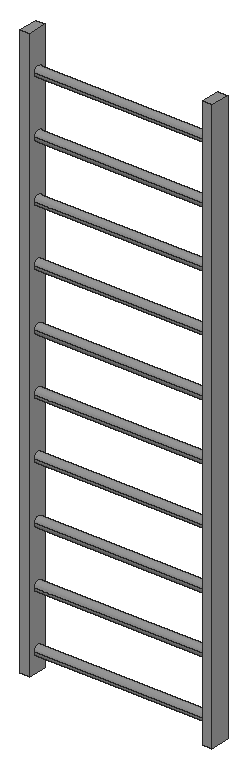
Revit family "АВЛН_Стенка гимнастическая", category Мебель, Revit 2019
Family settings
  Номер OmniClass = 23.40.20.00
  Заголовок OmniClass = General Furniture and Specialties
  На основе рабочей плоскости = Нет
  Всегда вертикально = Да
  При загрузке вырезать с полостями = Нет
  Общий = Нет
  Точка расчета площади = Нет
Parameters (values of type "Стенка гимнастическая 3000х1000мм")
  Описание = "Стенка гимнастическая; 3000х1000мм"
  М. основы = Древесина
  Type Comments = ""
  Keynote = ""
  Manufacturer = ""
  Группа модели = "Оборудование Спортивной зоны"
  ADSK_Размер_Ширина = 100 mm
  ADSK_Размер_Длина = 1000 mm
  ADSK_Размер_Высота = 3000 mm
  ADSK_Обозначение = ""
  ADSK_Масса = 0
  ADSK_Код изделия = ""
  ADSK_Единица измерения = "шт"  # constant formula
Reference planes
  plane 1 "По центру (Вперед/Назад)": y = 0
  plane 2: z = 0
  plane 3 "По центру (Влево/Вправо)": x = 0
  plane 4: z = 3000
  plane 5: y = 50
  plane 6: x = 500
  plane 7: x = -500
  plane 8: y = -50
Forms (mm)
  Extrusion 1, solid, material "Древесина" <- "М. основы"
    sketch origin (0, -518.993, 592.976) x (-1, 0, 0) y (0, -1, 0)
      loop
        line (500, -568.993) -> (500, -468.993) -> (450, -468.993) -> (450, -568.993) -> (500, -568.993)
      loop
        line (-500, -568.993) -> (-450, -568.993) -> (-450, -468.993) -> (-500, -468.993) -> (-500, -568.993)
    from -592.976 to 2407.024
  Extrusion 2, solid, material "Древесина" <- "М. основы"
    sketch origin (0, 0, 0) x (0, 1, 0) y (0, 0, 1)
      loop
        circle (0, 105.515) r 25
    from -450 to 450
  Extrusion 3, solid, material "Древесина" <- "М. основы"
    sketch origin (0, 0, 300) x (0, 1, 0) y (0, 0, 1)
      loop
        circle (0, 105.515) r 25
    from -450 to 450
  Extrusion 4, solid, material "Древесина" <- "М. основы"
    sketch origin (0, 0, 600) x (0, 1, 0) y (0, 0, 1)
      loop
        circle (0, 105.515) r 25
    from -450 to 450
  Extrusion 5, solid, material "Древесина" <- "М. основы"
    sketch origin (0, 0, 900) x (0, 1, 0) y (0, 0, 1)
      loop
        circle (0, 105.515) r 25
    from -450 to 450
  Extrusion 6, solid, material "Древесина" <- "М. основы"
    sketch origin (0, 0, 1200) x (0, 1, 0) y (0, 0, 1)
      loop
        circle (0, 105.515) r 25
    from -450 to 450
  Extrusion 7, solid, material "Древесина" <- "М. основы"
    sketch origin (0, 0, 1500) x (0, 1, 0) y (0, 0, 1)
      loop
        circle (0, 105.515) r 25
    from -450 to 450
  Extrusion 8, solid, material "Древесина" <- "М. основы"
    sketch origin (0, 0, 1800) x (0, 1, 0) y (0, 0, 1)
      loop
        circle (0, 105.515) r 25
    from -450 to 450
  Extrusion 9, solid, material "Древесина" <- "М. основы"
    sketch origin (0, 0, 2100) x (0, 1, 0) y (0, 0, 1)
      loop
        circle (0, 105.515) r 25
    from -450 to 450
  Extrusion 10, solid, material "Древесина" <- "М. основы"
    sketch origin (0, 0, 2400) x (0, 1, 0) y (0, 0, 1)
      loop
        circle (0, 105.515) r 25
    from -450 to 450
  Extrusion 11, solid, material "Древесина" <- "М. основы"
    sketch origin (0, 0, 2700) x (0, 1, 0) y (0, 0, 1)
      loop
        circle (0, 105.515) r 25
    from -450 to 450
Dimensions and locks
  plane 2 to plane 4 = 3000 mm
  equal spacing: plane 8, plane 1 "По центру (Вперед/Назад)", plane 5
  equal spacing: plane 7, plane 3 "По центру (Влево/Вправо)", plane 6
  "ADSK_Размер_Длина": plane 7 to plane 6
  "ADSK_Размер_Ширина": plane 5 to plane 8
  "ADSK_Размер_Высота": plane 2 to plane 4
  locked: Extrusion 1 sketch curve to Extrusion 1 sketch curve at 50
  locked: Extrusion 1 sketch curve to plane 6 at 50
  equal spacing: group 1, group 2, group 3, group 4, group 5, group 6, group 7, group 8, group 9, group 10  (x3)
  radius of Extrusion 2 sketch curve = 25 mm
  radius of Extrusion 3 sketch curve = 25 mm
  radius of Extrusion 4 sketch curve = 25 mm
  radius of Extrusion 5 sketch curve = 25 mm
  radius of Extrusion 6 sketch curve = 25 mm
  radius of Extrusion 7 sketch curve = 25 mm
  radius of Extrusion 8 sketch curve = 25 mm
  radius of Extrusion 9 sketch curve = 25 mm
  radius of Extrusion 10 sketch curve = 25 mm
  radius of Extrusion 11 sketch curve = 25 mm
  aligned and locked: level to plane 2
  aligned and locked: Extrusion 1 sketch curve to plane 5  (x2)
  aligned and locked: plane 8 to Extrusion 1 sketch curve  (x2)
  aligned and locked: plane 6 to Extrusion 1 sketch curve
  aligned and locked: Extrusion 1 to plane 4
  aligned and locked: Extrusion 1 to level
  aligned and locked: Extrusion 2 to Extrusion 1  (x2)
Automatic sketch dimensions
  Extrusion 1 sketch curve to plane 7 = 0 mm
  Extrusion 1 sketch curve to plane 6 = 0 mm
